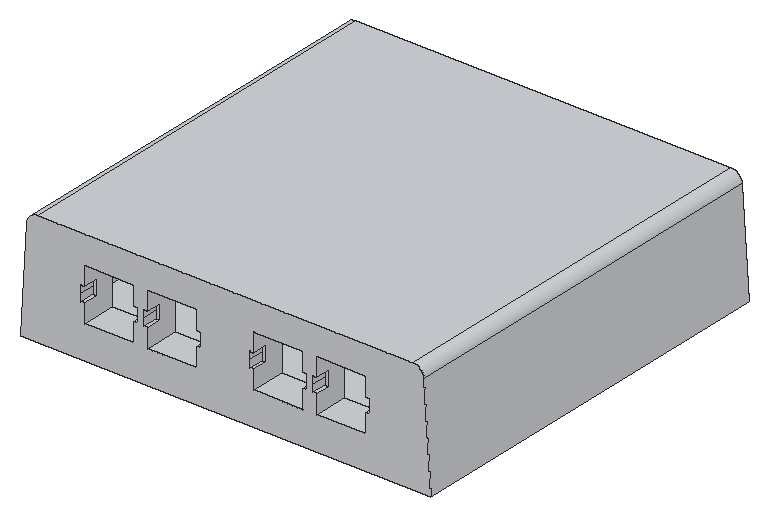
Revit family
Parameters
  Material ID = "760057414\r\n760057414\r\n760057414\r\n760057414"
  Description = "M200 Surface Mount Box, eight port white"
Reference planes (in)
  plane 1 "Center (Front/Back)": y = 0
  plane 2: z = 0
  plane 3 "Center (Left/Right)": x = 0
Forms (in)
  Extrusion 1, solid
    sketch origin (0, 0, 0) x (1, 0, 0) y (0, 0, 1)
      loop
        arc (-2.49587, 1.515) -> (-2.5985, 1.4744) -> (-2.64557, 1.37458) r 0.15
        line (-2.64557, 1.37458) -> (-2.7335, 0) -> (2.7335, 0) -> (2.64557, 1.37458)
        arc (2.64557, 1.37458) -> (2.5985, 1.4744) -> (2.49587, 1.515) r 0.15
        line (2.49587, 1.515) -> (-2.49587, 1.515)
    from 0 to 5.3
  Extrusion 2, void
    sketch origin (0, 0, 0) x (1, 0, 0) y (0, 0, 1)
      loop
        line (-1.8746, 1.14298) -> (-1.8746, 0.44298) -> (-1.2166, 0.44298) -> (-1.2166, 1.14298) -> (-1.8746, 1.14298)
      loop
        line (-1.0386, 1.14298) -> (-1.0386, 0.44298) -> (-0.3806, 0.44298) -> (-0.3806, 1.14298) -> (-1.0386, 1.14298)
      loop
        line (1.8746, 1.14298) -> (1.2166, 1.14298) -> (1.2166, 0.44298) -> (1.8746, 0.44298) -> (1.8746, 1.14298)
      loop
        line (1.0386, 1.14298) -> (0.3806, 1.14298) -> (0.3806, 0.44298) -> (1.0386, 0.44298) -> (1.0386, 1.14298)
    from 0 to 12
  Extrusion 3, void
    sketch origin (0, 0, 0) x (1, 0, 0) y (0, 0, 1)
      loop
        line (-1.1656, 0.79298) -> (-1.1656, 0.89298) -> (-1.2166, 0.89298) -> (-1.2166, 0.69298) -> (-1.1656, 0.69298) -> (-1.1656, 0.79298)
      loop
        line (-1.9256, 0.79298) -> (-1.9256, 0.69298) -> (-1.8746, 0.69298) -> (-1.8746, 0.89298) -> (-1.9256, 0.89298) -> (-1.9256, 0.79298)
      loop
        line (-0.3296, 0.79298) -> (-0.3296, 0.89298) -> (-0.3806, 0.89298) -> (-0.3806, 0.69298) -> (-0.3296, 0.69298) -> (-0.3296, 0.79298)
      loop
        line (-1.0896, 0.79298) -> (-1.0896, 0.69298) -> (-1.0386, 0.69298) -> (-1.0386, 0.89298) -> (-1.0896, 0.89298) -> (-1.0896, 0.79298)
      loop
        line (1.1656, 0.79298) -> (1.1656, 0.69298) -> (1.2166, 0.69298) -> (1.2166, 0.89298) -> (1.1656, 0.89298) -> (1.1656, 0.79298)
      loop
        line (1.9256, 0.79298) -> (1.9256, 0.89298) -> (1.8746, 0.89298) -> (1.8746, 0.69298) -> (1.9256, 0.69298) -> (1.9256, 0.79298)
      loop
        line (0.3296, 0.79298) -> (0.3296, 0.69298) -> (0.3806, 0.69298) -> (0.3806, 0.89298) -> (0.3296, 0.89298) -> (0.3296, 0.79298)
      loop
        line (1.0896, 0.79298) -> (1.0896, 0.89298) -> (1.0386, 0.89298) -> (1.0386, 0.69298) -> (1.0896, 0.69298) -> (1.0896, 0.79298)
    from 0 to 0.5
  Extrusion 4, void
    sketch origin (0, -5.3, 0) x (1, 0, 0) y (0, 0, -1)
      loop
        line (-1.1656, -0.79298) -> (-1.1656, -0.69298) -> (-1.2166, -0.69298) -> (-1.2166, -0.89298) -> (-1.1656, -0.89298) -> (-1.1656, -0.79298)
      loop
        line (-1.9256, -0.79298) -> (-1.9256, -0.89298) -> (-1.8746, -0.89298) -> (-1.8746, -0.69298) -> (-1.9256, -0.69298) -> (-1.9256, -0.79298)
      loop
        line (-0.3296, -0.79298) -> (-0.3296, -0.69298) -> (-0.3806, -0.69298) -> (-0.3806, -0.89298) -> (-0.3296, -0.89298) -> (-0.3296, -0.79298)
      loop
        line (-1.0896, -0.79298) -> (-1.0896, -0.89298) -> (-1.0386, -0.89298) -> (-1.0386, -0.69298) -> (-1.0896, -0.69298) -> (-1.0896, -0.79298)
      loop
        line (1.1656, -0.79298) -> (1.1656, -0.89298) -> (1.2166, -0.89298) -> (1.2166, -0.69298) -> (1.1656, -0.69298) -> (1.1656, -0.79298)
      loop
        line (1.9256, -0.79298) -> (1.9256, -0.69298) -> (1.8746, -0.69298) -> (1.8746, -0.89298) -> (1.9256, -0.89298) -> (1.9256, -0.79298)
      loop
        line (0.3296, -0.79298) -> (0.3296, -0.89298) -> (0.3806, -0.89298) -> (0.3806, -0.69298) -> (0.3296, -0.69298) -> (0.3296, -0.79298)
      loop
        line (1.0896, -0.79298) -> (1.0896, -0.69298) -> (1.0386, -0.69298) -> (1.0386, -0.89298) -> (1.0896, -0.89298) -> (1.0896, -0.79298)
    from 0 to 0.2
  Extrusion 5, void
    sketch origin (0, 0, 0) x (1, 0, 0) y (0, 1, 0)
      loop
        line (-0.35216, -3.82011) -> (0, -3.82011) -> (0.35216, -3.82011)
        arc (0.35216, -3.82011) -> (0.5286, -3.64367) -> (0.35216, -3.46722) r 0.17645
        line (0.35216, -3.46722) -> (0, -3.46722) -> (-0.35216, -3.46722)
        arc (-0.35216, -3.46722) -> (-0.5286, -3.64367) -> (-0.35216, -3.82011) r 0.17645
      loop
        arc (-0.35216, -1.47989) -> (-0.5286, -1.65633) -> (-0.35216, -1.83278) r 0.17645
        line (-0.35216, -1.83278) -> (0, -1.83278) -> (0.35216, -1.83278)
        arc (0.35216, -1.83278) -> (0.5286, -1.65633) -> (0.35216, -1.47989) r 0.17645
        line (0.35216, -1.47989) -> (0, -1.47989) -> (-0.35216, -1.47989)
      loop
        line (-0.78583, -3.00216) -> (-0.78583, -2.65) -> (-0.78583, -2.29784)
        arc (-0.78583, -2.29784) -> (-0.96227, -2.1214) -> (-1.13872, -2.29784) r 0.17645
        line (-1.13872, -2.29784) -> (-1.13872, -2.65) -> (-1.13872, -3.00216)
        arc (-1.13872, -3.00216) -> (-0.96227, -3.1786) -> (-0.78583, -3.00216) r 0.17645
      loop
        arc (0.78583, -3.00216) -> (0.96227, -3.1786) -> (1.13872, -3.00216) r 0.17645
        line (1.13872, -3.00216) -> (1.13872, -2.65) -> (1.13872, -2.29784)
        arc (1.13872, -2.29784) -> (0.96227, -2.1214) -> (0.78583, -2.29784) r 0.17645
        line (0.78583, -2.29784) -> (0.78583, -2.65) -> (0.78583, -3.00216)
    from 0 to 1.21698
  Extrusion 6, void
    sketch origin (0, -5.3, 0) x (-1, 0, 0) y (0, 0, 1)
      loop
        line (2.4691, 1.35955) -> (-2.45851, 1.35955) -> (-2.54559, 0.11431) -> (2.55617, 0.11431) -> (2.4691, 1.35955)
    from 0.45822 to 4.8
Cuts and joins
  Extrusion 2, Extrusion 3, Extrusion 4, Extrusion 5, Extrusion 6 cuts Extrusion 1
